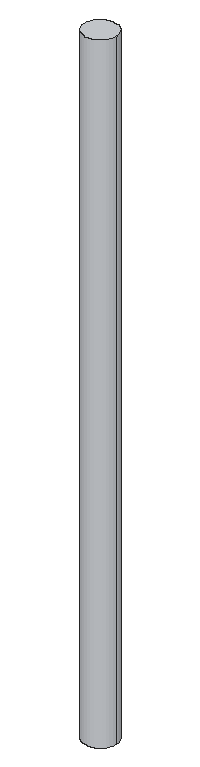
Revit family "원형 기둥", category 기둥, Revit 2026
Family settings
  로드될 때 보이드를 사용하여 절단 = 아니오
  자동으로 형상을 벽에 결합합니다 = 예
  공유 = 아니오
  평면도에서 미리 절단된 패밀리 표시 = 예
Parameters (values of type "152mm 지름")
  지름 = 152.00 mm
  재료 = none
  간격띄우기 베이스 = 0.00 mm
  간격띄우기 상단 = 0.00 mm
Types (4, lengths in mm): name | 지름
  (no name) | 152.00
  152mm 지름 | 152.00
  305mm 지름 | 305.00
  610mm 지름 | 610.00
Reference planes
  plane 1: y = 0
  plane 2: z = 0
  plane 3: x = 0
  plane 4: x = -76
  plane 5: x = 76
  plane 6: y = 76
  plane 7: y = -76
  plane 8: z = 3000
  plane 9: z = 0
Forms (mm)
  Extrusion 1, solid, material <- "재료"
    sketch origin (0, 0, 0) x (1, 0, 0) y (0, 1, 0)
      loop
        arc (-76, 0) -> (0, -76) -> (76, 0) r 76
        arc (76, 0) -> (53.74, 53.74) -> (0, 76) r 76
        arc (0, 76) -> (-53.74, 53.74) -> (-76, 0) r 76
    from 0 to 3000
Dimensions and locks
  equal spacing: plane 4, plane 3, plane 5
  "지름": plane 4 to plane 5
  equal spacing: plane 6, plane 1, plane 7
  "지름": plane 7 to plane 6
  "간격띄우기 베이스": plane 9 to level
  "간격띄우기 상단": level to plane 8
  aligned and locked: Extrusion 1 to plane 9
  aligned and locked: plane 8 to Extrusion 1
Automatic sketch dimensions
  Extrusion 1 sketch curve to plane 1 = 0.00 mm  (x2)
  Extrusion 1 sketch curve to plane 4 = 0.00 mm  (x2)
  Extrusion 1 sketch curve to plane 3 = 0.00 mm
